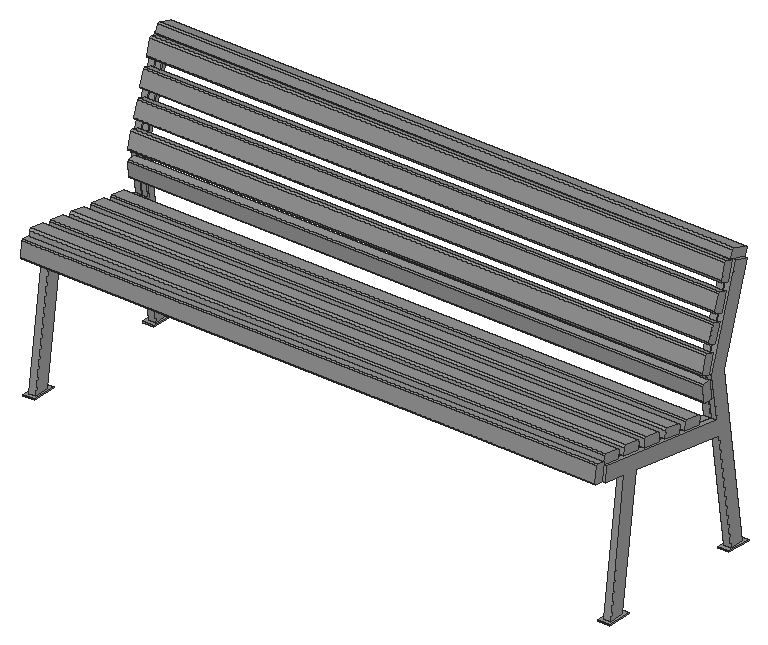
Revit family "Скамейка стальная «Модерн» без подлокотников Арт 7112", category Антураж, Revit 2018
Family settings
  На основе рабочей плоскости = Нет
  Всегда вертикально = Да
  При загрузке вырезать с полостями = Нет
  Источник визуального образа = Геометрия семейства
  Общий = Нет
  Точка расчета площади = Нет
Parameters (values of type "Версия 1,8 м (композит)")
  Ширина = 612 mm  # constant formula
  Цвет сидения = Дерево
  Цвет каркаса = Сталь
  Средняя опора = or([Версия 2,0 м (3 опоры)], ([Версия 3,0 м (3 опоры)]))  # no
  Описание = if([Версия 0,7 м (кресло)], "Скамейка стальная «Модерн» без подлокотников. Версия 0,7 м (кресло)", if([Версия 1,2 м], "Скамейка стальная «Модерн» без подлокотников. Версия 1,2 м", if([Версия 1,5 м], "Скамейка стальная «Модерн» без подлокотников. Версия 1,5 м", if([Версия 1,8 м], "Скамейка стальная «Модерн» без подлокотников. Версия 1,8 м", if([Версия 1,8 м (композит)], "Скамейка стальная «Модерн» без подлокотников. Версия 1,8 м. Сидение из композитных материалов", if([Версия 2,0 м (2 опоры)], "Скамейка стальная «Модерн» без подлокотников. Версия 2,0 м (2 опоры)", if([Версия 2,0 м (3 опоры)], "Скамейка стальная «Модерн» без подлокотников. Версия 2,0 м (3 опоры)", "Скамейка стальная «Модерн» без подлокотников. Версия 3,0 м (3 опоры)")))))))  # "Скамейка стальная «Модерн» без подлокотников. Версия 1,8 м. Сидение из композитных материалов"
  Версия 3,0 м (3 опоры) = not(or([Версия 0,7 м (кресло)], [Версия 1,2 м], [Версия 1,5 м], [Версия 1,8 м], [Версия 1,8 м (композит)], [Версия 2,0 м (2 опоры)], [Версия 2,0 м (3 опоры)]))  # no
  Версия 2,0 м (3 опоры) = no
  Версия 1,8 м (композит) = yes
  Версия 1,8 м = no
  Версия 2,0 м (2 опоры) = no
  Версия 1,5 м = no
  Версия 1,2 м = no
  Версия 0,7 м (кресло) = no
  Материал изделия = if([Версия 1,8 м (композит)], "Сталь, композитные материалы", "Сталь, дерево")  # "Сталь, композитные материалы"
  Изображение типоразмера = Скамейка стальная «Модерн» без подлокотников Арт 7112.jpeg
  Изготовитель = "ООО «Хоббика»"  # constant formula
  Длина = if([Версия 0,7 м (кресло)], 700 mm, if([Версия 1,2 м], 1200 mm, if([Версия 1,5 м], 1500 mm, if([Версия 2,0 м (2 опоры)], 2000 mm, if([Версия 1,8 м], 1800 mm, if([Версия 1,8 м (композит)], 1800 mm, if([Версия 2,0 м (3 опоры)], 2000 mm, 3000 mm)))))))  # 1800 mm
  Группа модели = "Скамейки"  # constant formula
  Высота = 835 mm  # constant formula
  Артикул товара = "Арт. 7112"  # constant formula
  URL = "https://hobbyka.ru/product/skameika_modern/"
Types (9, lengths in mm): name | Средняя опора | Описание | Версия 3,0 м (3 опоры) | Версия 2,0 м (3 опоры) | Версия 1,8 м (композит) | Версия 1,8 м | Версия 2,0 м (2 опоры) | Версия 1,5 м | Версия 1,2 м | Версия 0,7 м (кресло) | Материал изделия | Длина
  (no name) | no | "Скамейка стальная «Модерн» без подлокотников. Версия 1,8 м. Сидение из композитных материалов" | no | no | yes | no | no | no | no | no | "Сталь, композитные материалы" | 1800
  Версия 3,0 м (3 опоры) | yes | "Скамейка стальная «Модерн» без подлокотников. Версия 3,0 м (3 опоры)" | yes | no | no | no | no | no | no | no | "Сталь, дерево" | 3000
  Версия 2,0 м (3 опоры) | yes | "Скамейка стальная «Модерн» без подлокотников. Версия 2,0 м (3 опоры)" | no | yes | no | no | no | no | no | no | "Сталь, дерево" | 2000
  Версия 2,0 м (2 опоры) | no | "Скамейка стальная «Модерн» без подлокотников. Версия 2,0 м (2 опоры)" | no | no | no | no | yes | no | no | no | "Сталь, дерево" | 2000
  Версия 1,8 м (композит) | no | "Скамейка стальная «Модерн» без подлокотников. Версия 1,8 м. Сидение из композитных материалов" | no | no | yes | no | no | no | no | no | "Сталь, композитные материалы" | 1800
  Версия 1,8 м | no | "Скамейка стальная «Модерн» без подлокотников. Версия 1,8 м" | no | no | no | yes | no | no | no | no | "Сталь, дерево" | 1800
  Версия 1,5 м | no | "Скамейка стальная «Модерн» без подлокотников. Версия 1,5 м" | no | no | no | no | no | yes | no | no | "Сталь, дерево" | 1500
  Версия 1,2 м | no | "Скамейка стальная «Модерн» без подлокотников. Версия 1,2 м" | no | no | no | no | no | no | yes | no | "Сталь, дерево" | 1200
  Версия 0,7 м (кресло) | no | "Скамейка стальная «Модерн» без подлокотников. Версия 0,7 м (кресло)" | no | no | no | no | no | no | no | yes | "Сталь, дерево" | 700
Reference planes
  plane 1 "По центру (Вперед/Назад)": y = 0
  plane 2: z = 0
  plane 3 "По центру (Влево/Вправо)": x = 0
  plane 4: x = 1800
  plane 5: y = 612
  plane 6: z = 835
Dimensions and locks
  "Ширина": plane 5 to plane 1 "По центру (Вперед/Назад)"
  "Длина": plane 3 "По центру (Влево/Вправо)" to plane 4
  "Высота": plane 6 to level
  equal spacing: plane 3 "По центру (Влево/Вправо)", nested 15, plane 4
  plane 6 to level = 835 mm
  aligned and locked: level to plane 2
  aligned and locked: nested 16 to nested 15
  aligned and locked: plane 4 to nested 2
  aligned and locked: plane 3 "По центру (Влево/Вправо)" to nested 7
  aligned and locked: nested 9 to nested 10
  aligned and locked: nested 8 to nested 10
  aligned and locked: nested 6 to nested 10
  aligned and locked: nested 5 to nested 10
  aligned and locked: nested 4 to nested 10
  aligned and locked: nested 11 to nested 7
  aligned and locked: nested 12 to nested 7
  aligned and locked: nested 13 to nested 7
  aligned and locked: nested 14 to nested 7
Nested families
  nested 1: "Скамейка стальная «Модерн» опора без ручки" at (0, 45, 0), type "Скамейка стальная «Модерн» опора без ручки"
  nested 2: "Скамейка стальная «Модерн» опора без ручки" at (1800, 45, 0) x (-1, 0, 0) z (0, 0, 1), type "Скамейка стальная «Модерн» опора без ручки"
  nested 3: "Скамейка стальная «Модерн» доска" at (0, 42.295, 425.8) x (1, 0, 0) z (0, -0.9903, 0.1392), type "Скамейка стальная «Модерн» доска"
    with Длина доски 1800 mm
  nested 4: "Скамейка стальная «Модерн» доска" at (0, 389.531, 396.624) x (1, 0, 0) z (0, 0.1392, 0.9903), type "Скамейка стальная «Модерн» доска"
    with Длина доски 1800 mm
  nested 5: "Скамейка стальная «Модерн» доска" at (0, 462.027, 472.995) x (1, 0, 0) z (0, -0.9903, -0.1392), type "Скамейка стальная «Модерн» доска"
    with Длина доски 1800 mm
  nested 6: "Скамейка стальная «Модерн» доска" at (0, 464.462, 543.548) x (1, 0, 0) z (0, -0.9511, 0.309), type "Скамейка стальная «Модерн» доска"
    with Длина доски 1800 mm
  nested 7: "Скамейка стальная «Модерн» доска" at (0, 570.189, 795.707) x (1, 0, 0) z (0, 0.309, 0.9511), type "Скамейка стальная «Модерн» доска"
    with Длина доски 1800 mm
  nested 8: "Скамейка стальная «Модерн» доска" at (0, 489.184, 619.632) x (1, 0, 0) z (0, -0.9511, 0.309), type "Скамейка стальная «Модерн» доска"
    with Длина доски 1800 mm
  nested 9: "Скамейка стальная «Модерн» доска" at (0, 513.906, 695.717) x (1, 0, 0) z (0, -0.9511, 0.309), type "Скамейка стальная «Модерн» доска"
    with Длина доски 1800 mm
  nested 10: "Скамейка стальная «Модерн» доска" at (0, 538.627, 771.801) x (1, 0, 0) z (0, -0.9511, 0.309), type "Скамейка стальная «Модерн» доска"
    with Длина доски 1800 mm
  nested 11: "Скамейка стальная «Модерн» доска" at (0, 310.31, 407.758) x (1, 0, 0) z (0, 0.1392, 0.9903), type "Скамейка стальная «Модерн» доска"
    with Длина доски 1800 mm
  nested 12: "Скамейка стальная «Модерн» доска" at (0, 231.088, 418.892) x (1, 0, 0) z (0, 0.1392, 0.9903), type "Скамейка стальная «Модерн» доска"
    with Длина доски 1800 mm
  nested 13: "Скамейка стальная «Модерн» доска" at (0, 151.867, 430.026) x (1, 0, 0) z (0, 0.1392, 0.9903), type "Скамейка стальная «Модерн» доска"
    with Длина доски 1800 mm
  nested 14: "Скамейка стальная «Модерн» доска" at (0, 72.645, 441.161) x (1, 0, 0) z (0, 0.1392, 0.9903), type "Скамейка стальная «Модерн» доска"
    with Длина доски 1800 mm
  nested 15: "Скамейка стальная «Модерн» опора центральная" at (900, 45, 0), visible <- "Версия 2,0 м (3 опоры)", type "Скамейка стальная «Модерн» опора центральная"
  nested 16: "Скамейка стальная «Модерн» опора центральная" at (900, 45, 0), visible <- "Средняя опора", type "Скамейка стальная «Модерн» опора центральная"
Definition of nested family "Скамейка стальная «Модерн» опора без ручки"
  Parameters (values of type "Скамейка стальная «Модерн» опора без ручки")
    Цвет каркаса = none
    Height = 0 mm
  Reference planes
    plane 1 "По центру (Вперед/Назад)": y = 0
    plane 2: z = 0
    plane 3 "По центру (Влево/Вправо)": x = 0
  Forms (mm)
    Extrusion 1, solid, material <- "Цвет каркаса"
      sketch origin (0, 0, 0) x (0, 1, 0) y (0, 0, 1)
        loop
          line (13.235, 3) -> (58.678, 3) -> (112.2, 383.834) -> (435.953, 338.333) -> (483.081, 3) -> (528.523, 3) -> (456.849, 512.988) -> (546.464, 788.794) -> (503.666, 802.7) -> (410.841, 517.013) -> (429.438, 384.691) -> (0, 445.045) -> (-6.263, 400.483) -> (67.638, 390.096) -> (13.235, 3)
      from -10 to 10
    Extrusion 2, solid, material <- "Цвет каркаса"
      sketch origin (-308, 0, 0) x (1, 0, 0) y (0, 1, 0)
        loop
          line (326, 467.409) -> (326, 542.909) -> (290, 542.909) -> (290, 467.409) -> (326, 467.409)
        loop
          line (326, 75.5) -> (290, 75.5) -> (290, 0) -> (326, 0) -> (326, 75.5)
      from 0 to 3
    Extrusion 3, solid, material <- "Цвет каркаса"
      sketch origin (0, 0, 0) x (0, 1, 0) y (0, 0, 1)
        loop
          line (410.841, 517.013) -> (429.438, 384.691) -> (0, 445.045) -> (-6.263, 400.483) -> (-4.282, 400.204) -> (1.702, 442.786) -> (431.787, 382.341) -> (412.886, 516.834) -> (504.95, 800.18) -> (545.846, 786.892) -> (546.464, 788.794) -> (503.666, 802.7) -> (410.841, 517.013)
      from 10 to 30
  Dimensions and locks
    aligned and locked: level to plane 2
    aligned and locked: Extrusion 3 to Extrusion 1
Definition of nested family "Скамейка стальная «Модерн» доска"
  Parameters (values of type "Скамейка стальная «Модерн» доска")
    Цвет сидения = none
    Default Elevation = 1219.2 mm
    Длина доски = 1300 mm
    Height = 0 mm
  Types (2): name
    Скамейка стальная «Модерн» доска
    Скамейка стальная «Модерн» доска поручень
  Reference planes
    plane 1 "По центру (Вперед/Назад)": y = 0
    plane 2: z = 0
    plane 3 "По центру (Влево/Вправо)": x = 0
    plane 4: x = 1300
  Forms (mm)
    Extrusion 1, solid, material <- "Цвет сидения"
      sketch origin (0, 336.473, -339.298) x (0, 0.987836, 0.155497) y (0, -0.155497, 0.987836)
        loop
          line (-307.181, 391.83) -> (-252.06, 383.153) -> (-248.445, 406.118) -> (-252.315, 411.435) -> (-298.25, 418.666) -> (-303.566, 414.795) -> (-307.181, 391.83)
      from 0 to 1300
  Dimensions and locks
    "Длина доски": plane 3 "По центру (Влево/Вправо)" to plane 4
    aligned and locked: level to plane 2
    aligned and locked: Extrusion 1 to plane 3 "По центру (Влево/Вправо)"
    aligned and locked: plane 4 to Extrusion 1
  Automatic sketch dimensions
    Extrusion 1 sketch curve to level = 0 mm  (x2)
    plane 1 "По центру (Вперед/Назад)" to Extrusion 1 sketch curve = 27.9 mm
    Extrusion 1 sketch curve to Extrusion 1 sketch curve = 3.615 mm
    Extrusion 1 sketch curve to Extrusion 1 sketch curve = 5.317 mm  (x2)
    Extrusion 1 sketch curve to Extrusion 1 sketch curve = 45.934 mm
    Extrusion 1 sketch curve to Extrusion 1 sketch curve = 0.255 mm
    Extrusion 1 sketch curve to Extrusion 1 sketch curve = 3.87 mm  (x2)
    Extrusion 1 sketch curve to Extrusion 1 sketch curve = 22.965 mm  (x2)
Definition of nested family "Скамейка стальная «Модерн» опора центральная"
  Parameters (values of type "Скамейка стальная «Модерн» опора центральная")
    Цвет каркаса = none
    Height = 0 mm
  Reference planes
    plane 1 "По центру (Вперед/Назад)": y = 0
    plane 2: z = 0
    plane 3 "По центру (Влево/Вправо)": x = 0
  Forms (mm)
    Extrusion 1, solid, material <- "Цвет каркаса"
      sketch origin (0, 0, 0) x (0, 1, 0) y (0, 0, 1)
        loop
          line (13.235, 3) -> (58.678, 3) -> (112.2, 383.834) -> (435.953, 338.333) -> (483.081, 3) -> (528.523, 3) -> (456.849, 512.988) -> (546.464, 788.794) -> (503.666, 802.7) -> (410.841, 517.013) -> (429.438, 384.691) -> (0, 445.045) -> (-6.263, 400.483) -> (67.638, 390.096) -> (13.235, 3)
      from -10 to 10
    Extrusion 2, solid, material <- "Цвет каркаса"
      sketch origin (-308, 0, 0) x (1, 0, 0) y (0, 1, 0)
        loop
          line (326, 467.409) -> (326, 542.909) -> (290, 542.909) -> (290, 467.409) -> (326, 467.409)
        loop
          line (326, 75.5) -> (290, 75.5) -> (290, 0) -> (326, 0) -> (326, 75.5)
      from 0 to 3
  Dimensions and locks
    aligned and locked: level to plane 2
